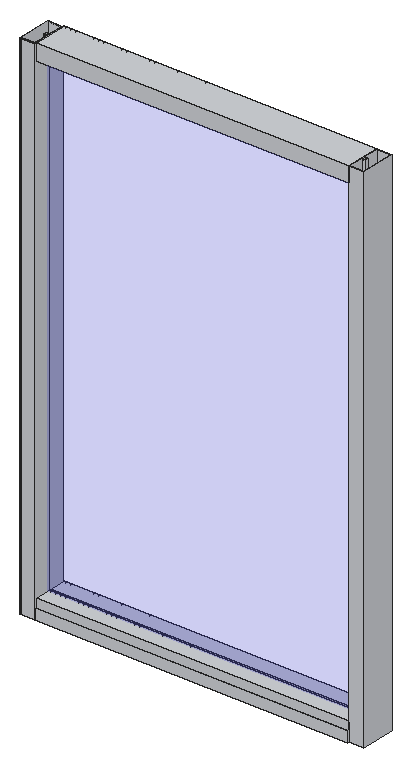
Revit family "McArthur Evo 101.6mm Centre Pocket Framing", category Windows, host Wall, Revit 2021
Family settings
  Host = Wall
  OmniClass Number = 23.30.20.00
  OmniClass Title = Windows
  Always vertical = Yes
  Cut with Voids When Loaded = No
  Shared = No
  Room Calculation Point = No
Parameters
  Rough Width = 0 mm  # constant formula
  Rough Height = 0 mm  # constant formula
  Height [instance] = 1500 mm
  Default Sill Height = 800 mm
  Wall Closure = By host
  Width [instance] = 1000 mm
Reference planes
  plane 1 "Center (Front/Back)": y = 0
  plane 2 "Center (Left/Right)": x = 0
  plane 3 "Left": x = -500
  plane 4 "Right": x = 500
  plane 5 "Sill": z = 800
  plane 6 "Head": z = 2300
  plane 7 "Exterior": y = 100
  plane 8 "Interior": y = -100
Lines and regions (mm)
  Opening 1
    outline origin (3500, -100, 0) x (1, 0, 0) y (0, 0, 1)
      loop
        line (-3000, 800) -> (-3000, 2300) -> (-4000, 2300) -> (-4000, 800) -> (-3000, 800)
Text (mm)
  text "Exterior" at (-1963.203, 1332.353, 0), in view "Ref. Level"
  text "Interior" at (-1981.466, -818.386, 0), in view "Ref. Level"
  text "Exterior" at (0, 923.751, 2943.296), in view "Right"
  text "Exterior" at (0, 1040.484, 2685.409), in view "Left"
Dimensions and locks
  equal spacing: plane 3 "Left", plane 2 "Center (Left/Right)", plane 4 "Right"
  "Width": plane 3 "Left" to plane 4 "Right"
  "Height": plane 5 "Sill" to plane 6 "Head"
  "Default Sill Height": plane 5 "Sill" to level
  locked: plane 7 "Exterior" to host wall
  locked: plane 8 "Interior" to host wall
  aligned and locked: nested 1 to plane 3 "Left"
  aligned and locked: nested 1 to plane 4 "Right"
  aligned and locked: host wall to nested 1
  aligned and locked: nested 1 to plane 6 "Head"
  aligned and locked: nested 1 to plane 5 "Sill"
Automatic sketch dimensions
  Opening 1 sketch curve to plane 3 "Left" = 0 mm
  Opening 1 sketch curve to plane 4 "Right" = 0 mm
  Opening 1 sketch curve to plane 5 "Sill" = 0 mm
  Opening 1 sketch curve to plane 6 "Head" = 0 mm
Nested families
  nested 1: "McArthur Evo 101.6mm Centre Pocket Framing" at (0, -0.979, 341.318), type "McArthur Evo 101.6mm Centre Pocket Framing"
    with Width 1000 mm, Height 1500 mm, Glass Thk Control 14.5 mm, Glass Thickness 15 mm, Glass Glass, Frame Material none
Definition of nested family "McArthur Evo 101.6mm Centre Pocket Framing"
  Parameters (values of type "McArthur Evo 101.6mm Centre Pocket Framing")
    Width [instance] = 750 mm
    URL = "https://www.alspec.com.au/derwent-76mm-centre-pocket-framing"
    Sill Depth = 48.43 mm  # constant formula
    Manufacturer = "ALSPEC"
    Jamb Width = 101.6 mm  # constant formula
    Jamb Thickness = 44.5 mm  # constant formula
    Height [instance] = 750 mm
    Head Depth = 60 mm  # constant formula
    Head & Sill Thickness = 85 mm  # constant formula
    Glass Thk Control [instance] = if(Glass Thickness > 14.5 mm, 14.5 mm, if(Glass Thickness < 6 mm, 6 mm, Glass Thickness))  # 14.5 mm
    Glass Thickness [instance] = 15 mm
    Glass [instance] = none
    Frame Material [instance] = none
    Designer = "Viraj Mhatre"
    Default Elevation = 0 mm
  Reference planes
    plane 1 "Center (Front/Back)": y = 0.979
    plane 2: z = 0
    plane 3 "Center (Left/Right)": x = 0
    plane 4 "Head Top": z = 1958.682
    plane 5 "Head Bottom": z = 1898.682
    plane 6 "Sill Top": z = 1257.112
    plane 7 "Sill Bottom": z = 1208.682
    plane 8: x = -375
    plane 9: x = -330.5
    plane 10: x = 330.5
    plane 11: x = 375
    plane 12: y = 8.479
    plane 13: y = -6.521
    plane 14: y = 38
    plane 15: y = -63.6
    plane 16: y = 43.479
    plane 17: y = -41.521
  Forms (mm)
    Extrusion 1, solid, material <- "Glass"
      sketch origin (0, 0, 0) x (1, 0, 0) y (0, 1, 0)
        loop
          line (-340.537, 8.479) -> (-340.537, -6.521) -> (340.537, -6.521) -> (340.537, 8.479) -> (-340.537, 8.479)
      from 1253.682 to 1924.249
    Sweep 2, solid, material <- "Frame Material"
      path origin (0, 0, 0) x (1, 0, 0) y (0, 1, 0)
        loop
          line (-375, 51.219) -> (-375, -50.381) -> (-330.5, -50.381) -> (-330.5, -1.96) -> (-340.537, -1.96) -> (-340.537, 3.919) -> (-330.5, 3.919) -> (-330.5, 51.219) -> (-375, 51.219)
      profile origin (-352.75, 51.219, 0) x (0, 1, 0) y (0, 0, 1)
        loop
          line (0, 1208.682) -> (0, 1958.682) -> (-2, 1958.682) -> (-2, 1208.682) -> (0, 1208.682)
    Sweep 3, solid, material <- "Frame Material"
      path origin (0, 0, 0) x (1, 0, 0) y (0, 1, 0)
        loop
          line (330.5, 51.219) -> (330.5, 3.919) -> (340.537, 3.919) -> (340.537, -1.96) -> (330.5, -1.96) -> (330.5, -50.381) -> (375, -50.381) -> (375, 51.219) -> (330.5, 51.219)
      profile origin (352.75, 51.219, 0) x (0, 1, 0) y (0, 0, 1)
        loop
          line (0, 1208.682) -> (0, 1958.682) -> (-2, 1958.682) -> (-2, 1208.682) -> (0, 1208.682)
    Sweep 4, solid, material <- "Frame Material"
      path origin (0, 0, 0) x (0, 1, 0) y (0, 0, 1)
        loop
          line (52.33, 1914.182) -> (52.33, 1958.682) -> (-49.27, 1958.682) -> (-49.27, 1914.182) -> (-1.97, 1914.182) -> (-1.97, 1924.249) -> (3.928, 1924.249) -> (3.928, 1914.182) -> (52.33, 1914.182)
      profile origin (0, 52.33, 1936.432) x (0, -1, 0) y (1, 0, 0)
        loop
          line (0, 330.5) -> (0, -330.5) -> (2, -330.5) -> (2, 330.5) -> (0, 330.5)
    Sweep 5, solid, material <- "Frame Material"
      path origin (0, 0, 0) x (0, 1, 0) y (0, 0, 1)
        loop
          line (52.04, 1263.682) -> (3.919, 1263.682) -> (3.919, 1253.682) -> (-1.96, 1253.682) -> (-1.96, 1263.682) -> (-48.96, 1263.682) -> (-48.96, 1238.682) -> (-52.46, 1238.682) -> (-52.46, 1208.682) -> (54.14, 1208.682) -> (54.14, 1224.182) -> (52.04, 1224.182) -> (52.04, 1263.682)
      profile origin (0, 52.04, 1243.932) x (1, 0, 0) y (0, 1, 0)
        loop
          line (-330.5, 0) -> (-330.5, -2) -> (330.5, -2) -> (330.5, 0) -> (-330.5, 0)
  Dimensions and locks
    "Head Depth": plane 4 "Head Top" to plane 5 "Head Bottom"
    "Sill Depth": plane 6 "Sill Top" to plane 7 "Sill Bottom"
    "Height": plane 4 "Head Top" to plane 7 "Sill Bottom"
    "Jamb Thickness": plane 8 to plane 9
    "Jamb Thickness": plane 10 to plane 11
    equal spacing: plane 12, plane 1 "Center (Front/Back)", plane 13
    "Glass Thickness": plane 12 to plane 13
    "Jamb Width": plane 14 to plane 15
    equal spacing: plane 8, plane 3 "Center (Left/Right)", plane 11
    "Head & Sill Thickness": plane 16 to plane 17
    equal spacing: plane 16, plane 1 "Center (Front/Back)", plane 17
    "Width": plane 8 to plane 11
    aligned and locked: level to plane 2
    aligned and locked: Extrusion 1 sketch curve to plane 12
    aligned and locked: plane 13 to Extrusion 1 sketch curve
    aligned and locked: import instance to plane 1 "Center (Front/Back)"  (x3)
    aligned and locked: plane 8 to import instance
    aligned and locked: plane 1 "Center (Front/Back)" to import instance
    aligned and locked: plane 4 "Head Top" to import instance
    aligned and locked: import instance to plane 7 "Sill Bottom"
    aligned and locked: Extrusion 1 to import instance  (x2)
    aligned and locked: Sweep 2 sketch curve to import instance  (x7)
    aligned and locked: Sweep 3 sketch curve to import instance  (x8)
    aligned and locked: Sweep 4 sketch curve to import instance  (x8)
    aligned and locked: Sweep 5 sketch curve to import instance  (x11)
    aligned and locked: import instance to Sweep 5 sketch curve
    aligned and locked: Sweep 4 sketch curve to plane 9
    aligned and locked: plane 10 to Sweep 4 sketch curve
    aligned and locked: plane 10 to Sweep 5 sketch curve
    aligned and locked: Sweep 5 sketch curve to plane 9
    aligned and locked: Sweep 2 sketch curve to plane 4 "Head Top"
    aligned and locked: Sweep 2 sketch curve to plane 7 "Sill Bottom"
    aligned and locked: plane 4 "Head Top" to Sweep 3 sketch curve
    aligned and locked: Sweep 3 sketch curve to plane 7 "Sill Bottom"
    aligned and locked: Extrusion 1 to Sweep 4
    aligned and locked: Extrusion 1 to Sweep 5
  Automatic sketch dimensions
    Extrusion 1 sketch curve to plane 9 = 10.037 mm
    plane 10 to Extrusion 1 sketch curve = 10.037 mm
    Sweep 2 sketch curve to Sweep 2 sketch curve = 10.037 mm
    Sweep 2 sketch curve to profile plane = 0 mm
    profile plane to Sweep 2 sketch curve = 2 mm
    Sweep 3 sketch curve to profile plane = 0 mm
    profile plane to Sweep 3 sketch curve = 2 mm
    Sweep 4 sketch curve to profile plane = 0 mm
    Sweep 4 sketch curve to profile plane = 2 mm
    profile plane to Sweep 5 sketch curve = 0 mm
    profile plane to Sweep 5 sketch curve = 2 mm
